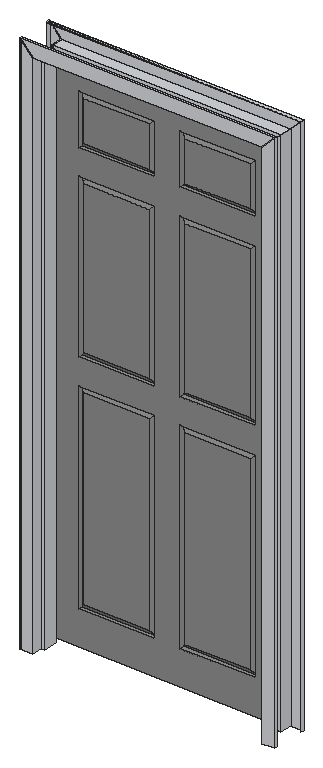
Revit family "Ext-Embossed-Door-MDMF-6-Panel-36 x 84", category Doors, host Wall, Revit 2014
Parameters (values of type "Ext-E-MDMF-6-Panel-36" x 84"")
  Width = Door Panel Width  # 3' - 0"
  Wall Thickness [instance] = 0' - 5 3/4"
  URL = ""
  Type Comments = "EXT,"
  Thickness = 0' - 1 3/4"
  Swing Angle [instance] = 90.00°
  SDI RO Spacing = 0' - 0"
  SDI Panel 1 Width = Leaf Width + 0' 0 3/16"  # 3' - 0"
  SDI No Panels = ""
  SDI HW Set [instance] = ""
  SDI HW Item LO-2 [instance] = ""
  SDI HW Item LO-1 [instance] = ""
  SDI HW Item KP-2 [instance] = ""
  SDI HW Item KP-1 [instance] = ""
  SDI HW Item HI-2 [instance] = ""
  SDI HW Item HI-1 [instance] = ""
  SDI HW Item HC-2 [instance] = ""
  SDI HW Item HC-1 [instance] = ""
  SDI HW Item ED-2 [instance] = ""
  SDI HW Item ED-1 [instance] = ""
  SDI HW Item DO-2 [instance] = ""
  SDI HW Item DO-1 [instance] = ""
  SDI HW Item CL-2 [instance] = ""
  SDI HW Item CL-1 [instance] = ""
  SDI Glass Material = Glass
  SDI Frame Type = "3 Piece"
  SDI Frame Material Type = "Hollow Metal"
  SDI Frame Material = Paint - Generic - Prime
  SDI Frame Manufacturer = ""
  SDI Frame Jamb Width = 0' - 2"
  SDI Frame Head Width = 0' - 2"
  SDI Frame Finish Type = "Painted"
  SDI Frame Finish Color = "Prime"
  SDI Frame Depth [instance] = 0' - 5 3/4"
  SDI Family Version = "1.0"
  SDI Door Top Rail Width = 0' - 7 3/4"
  SDI Door Stile Width = 0' - 6"
  SDI Door Panel Type = "N"
  SDI Door Material Type = "Hollow Metal"
  SDI Door Material = Paint - Generic - Prime
  SDI Door Manufacturer = ""
  SDI Door Glass Type = "1/4\" Tempered"
  SDI Door Finish Type = "Painted"
  SDI Door Finish Color = "Prime"
  SDI Door Configuration = "SG"
  SDI Door Bottom Rail Width = 5' - 0"
  SDI Arch Frame Type [instance] = ""
  SDI Arch Frame Material Type [instance] = "HM"
  SDI Arch Door Panel Type [instance] = "N"
  SDI Arch Door Material Type [instance] = "HM"
  Rough Width = Frame Width - 0' 0" + 2 * SDI RO Spacing  # 3' - 4"
  Rough Height = Frame Height - 0' 0" + SDI RO Spacing  # 7' - 2"
  R1 Height = 7' - 0"
  P1 Width = 3' - 2"
  Model = "Ext-E-MDMF-6-Panel-36\" x 84\""
  Manufacturer = ""
  Leaf Width = P1 Width - 0' 2 3/16"  # 2' - 11 13/16"
  Height = Door Panel Height  # 7' - 0"
  Glass Offset [instance] = 0' 2 1/16" + (SDI Frame Depth - 0' 5 3/4") / 2  # 0' - 2 1/16"
  Function = Exterior
  Frame Width = P1 Width + 0' 2"  # 3' - 4"
  Frame Offset [instance] = if(Aligned Exterior, SDI Frame Depth / 2, if(Aligned Center, Wall Thickness / 2, if(Aligned Interior, Wall Thickness - SDI Frame Depth + SDI Frame Depth / 2, Aligned Other)))  # 0' - 2 7/8"
  Frame Height = R1 Height + 0' 2"  # 7' - 2"
  Fire Rating = ""
  Exterior Glazing [instance] = no
  Door Panel Width = P1 Width - 0' 2"  # 3' - 0"
  Door Panel Height = R1 Height + 0' 2" - (0' 2")  # 7' - 0"
  Door Offset [instance] = 0' 2 13/16" + (SDI Frame Depth - 0' 5 3/4") / 2  # 0' - 2 13/16"
  Description = "Hollow Metal Door with Hollow Metal Frame 6 Panel"
  Cost = 0
  Assembly Code = "B2030120"
  Analytic Construction = "<None>"
  Aligned Other [instance] = 0' - 0"
  Aligned Interior [instance] = no
  Aligned Exterior [instance] = yes
  Aligned Center [instance] = no
  ADA Clearance Lines = no
Reference planes (in)
  plane 1: y = 0
  plane 2 "Center (Left/Right)": x = 0
  plane 3 "Wall Edge": y = 2.875
  plane 4 "Wall Interior": y = -2.875
  plane 5 "ModelRefLevel": z = 0
  plane 6 "FrameDepthPlane": y = 0
  plane 7 "FrameFront": y = 2.875
  plane 8 "FrameBack": y = -2.875
  plane 9 "V0": x = 19
  plane 10 "V1": x = -19
  plane 11 "H0": z = 1
  plane 12 "H1": z = 85
  plane 13 "DoorLeft": x = 18
  plane 14 "DoorRight": x = -18
  plane 15 "DoorCenter": x = 0
  plane 16 "DoorTop": z = 83.875
  plane 17 "DoorCenterTB": z = 41.9375
  plane 18 "DoorExtFace": y = 2.8125
  plane 19 "DoorGlassFace": y = 2.0625
  plane 20 "LockCenterLine": z = 32.5625
  plane 21 "DoorExtFace1": y = 2.0625
  plane 22 "GlassRight1": x = -11.90625
  plane 23 "ActDoorLeft": x = 17.90625
  plane 24 "SwingClrPlane": y = 62.875
  plane 25 "SwingPartialPlane": y = 50.875
  plane 26: x = -7.90625
  plane 27: x = -11.90625
  plane 28: z = 76.125
  plane 29: z = 51.125
  plane 30: z = 79
  plane 31: z = 6
  plane 32: z = 41.5
  plane 33: z = 37.5
  plane 34: x = 13.90625
  plane 35: x = -13.90625
  plane 36: x = 2
  plane 37: x = -2
  plane 38: z = 71
  plane 39: z = 67
  plane 40: z = 42.5
Forms (in)
  Extrusion 1, solid
    sketch origin (138.6875, 0, 43) x (-1, 0, 0) y (0, -1, 0)
      loop
        line (118.6875, -2.375) -> (118.6875, -2.875) -> (120.6875, -2.875) -> (120.6875, -0.9375) -> (121.3125, -0.9375) -> (121.3125, 1.3125) -> (120.6875, 1.3125) -> (120.6875, 2.875) -> (118.6875, 2.875) -> (118.6875, 2.4375) -> (118.75, 2.4375) -> (118.75, 2.8125) -> (120.625, 2.8125) -> (120.625, 1.25) -> (121.25, 1.25) -> (121.25, -0.875) -> (120.625, -0.875) -> (120.625, -2.8125) -> (118.75, -2.8125) -> (118.75, -2.375) -> (118.6875, -2.375)
    from -43 to 43
  Extrusion 2, void
    sketch origin (0, 2.875, 0) x (1, 0, 0) y (0, 0, 1)
      loop
        line (20, 86) -> (17.375, 86) -> (17.375, 83.375) -> (20, 86)
    from -12 to 12
  Extrusion 3, solid
    sketch origin (101.3125, 0, 43) x (-1, 0, 0) y (0, -1, 0)
      loop
        line (121.25, -2.375) -> (121.25, -2.8125) -> (119.375, -2.8125) -> (119.375, -0.875) -> (118.75, -0.875) -> (118.75, 1.25) -> (119.375, 1.25) -> (119.375, 2.8125) -> (121.25, 2.8125) -> (121.25, 2.4375) -> (121.3125, 2.4375) -> (121.3125, 2.875) -> (119.3125, 2.875) -> (119.3125, 1.3125) -> (118.6875, 1.3125) -> (118.6875, -0.9375) -> (119.3125, -0.9375) -> (119.3125, -2.875) -> (121.3125, -2.875) -> (121.3125, -2.375) -> (121.25, -2.375)
    from -43 to 43
  Extrusion 4, void
    sketch origin (0, 2.875, 0) x (1, 0, 0) y (0, 0, 1)
      loop
        line (-20, 86) -> (-17.375, 83.375) -> (-17.375, 86) -> (-20, 86)
    from -12 to 12
  Extrusion 5, solid
    sketch origin (0, 0, 84.6875) x (0, 1, 0) y (0, 0, 1)
      loop
        line (2.375, 1.25) -> (2.8125, 1.25) -> (2.8125, -0.625) -> (0.875, -0.625) -> (0.875, -1.25) -> (-1.25, -1.25) -> (-1.25, -0.625) -> (-2.8125, -0.625) -> (-2.8125, 1.25) -> (-2.4375, 1.25) -> (-2.4375, 1.3125) -> (-2.875, 1.3125) -> (-2.875, -0.6875) -> (-1.3125, -0.6875) -> (-1.3125, -1.3125) -> (0.9375, -1.3125) -> (0.9375, -0.6875) -> (2.875, -0.6875) -> (2.875, 1.3125) -> (2.375, 1.3125) -> (2.375, 1.25)
    from -20 to 20
  Extrusion 6, void
    sketch origin (0, 2.875, 0) x (1, 0, 0) y (0, 0, 1)
      loop
        line (-20, 86) -> (-20, 83.375) -> (-17.375, 83.375) -> (-20, 86)
    from -12 to 12
  Extrusion 7, void
    sketch origin (0, 2.875, 0) x (1, 0, 0) y (0, 0, 1)
      loop
        line (20, 86) -> (17.375, 83.375) -> (20, 83.375) -> (20, 86)
    from -12 to 12
  Extrusion 8, solid, material "Paint - Generic - Prime" <- "SDI Door Material"
    sketch origin (-60, 2.8125, -12) x (1, 0, 0) y (0, 0, 1)
      loop
        line (77.90625, 12.625) -> (77.90625, 95.875) -> (42.09375, 95.875) -> (42.09375, 12.625) -> (77.90625, 12.625)
    from 0 to 1.75
  Sweep 9, void
    path origin (0, 2.875, 0) x (1, 0, 0) y (0, 0, 1)
      loop
        line (13.90625, 79) -> (2, 79) -> (2, 71) -> (13.90625, 71) -> (13.90625, 79)
    profile origin (13.90625, 2.875, 75) x (0, -1, 0) y (1, 0, 0)
      loop
        line (0, 0) -> (0, -0.92134) -> (0.5, -0.23315) -> (0, 0)
      loop
        line (1.875, 0) -> (1.375, -0.23315) -> (1.875, -0.92134) -> (1.875, 0)
  Sweep 10, void
    path origin (0, 2.875, 0) x (1, 0, 0) y (0, 0, 1)
      loop
        line (13.90625, 37.5) -> (2, 37.5) -> (2, 6) -> (13.90625, 6) -> (13.90625, 37.5)
    profile origin (13.90625, 2.875, 21.75) x (0, -1, 0) y (1, 0, 0)
      loop
        line (0, 0) -> (0, -0.92134) -> (0.5, -0.23315) -> (0, 0)
      loop
        line (1.875, 0) -> (1.375, -0.23315) -> (1.875, -0.92134) -> (1.875, 0)
  Sweep 11, void
    path origin (0, 2.875, 0) x (1, 0, 0) y (0, 0, 1)
      loop
        line (-2, 79) -> (-13.90625, 79) -> (-13.90625, 71) -> (-2, 71) -> (-2, 79)
    profile origin (-2, 2.875, 75) x (0, -1, 0) y (1, 0, 0)
      loop
        line (0.0625, -0.80529) -> (0.5, -0.20312) -> (0.0625, -0.00088) -> (0.0625, -0.80529)
      loop
        line (1.8143, -0.80529) -> (1.8143, -0.00088) -> (1.3768, -0.20312) -> (1.8143, -0.80529)
  Sweep 12, void
    path origin (0, 2.875, 0) x (1, 0, 0) y (0, 0, 1)
      loop
        line (-2, 37.5) -> (-13.90625, 37.5) -> (-13.90625, 6) -> (-2, 6) -> (-2, 37.5)
    profile origin (-2, 2.875, 21.75) x (0, -1, 0) y (1, 0, 0)
      loop
        line (0.0625, -0.00088) -> (0.0625, -0.80529) -> (0.5, -0.20312) -> (0.0625, -0.00088)
      loop
        line (1.8143, -0.00088) -> (1.3768, -0.20312) -> (1.8143, -0.80529) -> (1.8143, -0.00088)
  Sweep 13, void
    path origin (0, 2.875, 0) x (1, 0, 0) y (0, 0, 1)
      loop
        line (13.90625, 67) -> (2, 67) -> (2, 41.5) -> (13.90625, 41.5) -> (13.90625, 67)
    profile origin (13.90625, 2.875, 54.25) x (0, -1, 0) y (1, 0, 0)
      loop
        line (0.0625, -0.02914) -> (0.0625, -0.83532) -> (0.5, -0.23315) -> (0.0625, -0.02914)
      loop
        line (1.8125, -0.02914) -> (1.375, -0.23315) -> (1.8125, -0.83532) -> (1.8125, -0.02914)
  Sweep 14, void
    path origin (0, 2.875, 0) x (1, 0, 0) y (0, 0, 1)
      loop
        line (-2, 67) -> (-13.90625, 67) -> (-13.90625, 41.5) -> (-2, 41.5) -> (-2, 67)
    profile origin (-2, 2.875, 54.25) x (0, -1, 0) y (1, 0, 0)
      loop
        line (0.5, -0.20313) -> (0.0625, -0.00088) -> (0.0625, -0.80529) -> (0.5, -0.20313)
      loop
        line (1.8125, -0.80529) -> (1.8125, -0.00172) -> (1.37545, -0.20375) -> (1.8125, -0.80529)
Cuts and joins
  Extrusion 2 cuts Extrusion 1
  Extrusion 4 cuts Extrusion 3
  Extrusion 6, Extrusion 7 cuts Extrusion 5
  Sweep 9, Sweep 10, Sweep 11, Sweep 12, Sweep 13, Sweep 14 cuts Extrusion 8
Lines and regions (in)
  Opening 1
    outline origin (-60, -2.875, 0) x (1, 0, 0) y (0, 0, 1)
      loop
        line (80, 0) -> (80, 86) -> (40, 86) -> (40, 0) -> (80, 0)
  symbolic lines, style "DoorsFrameMullionProjection", detail levels fine
    curve 1: line (20, 2.375, 0) -> (20, 2.875, 0)
    curve 2: line (20, 2.875, 0) -> (18, 2.875, 0)
    curve 3: line (18, 2.875, 0) -> (18, 0.9375, 0)
    curve 4: line (18, 0.9375, 0) -> (17.375, 0.9375, 0)
    curve 5: line (17.375, 0.9375, 0) -> (17.375, -1.3125, 0)
    curve 6: line (17.375, -1.3125, 0) -> (18, -1.3125, 0)
    curve 7: line (18, -1.3125, 0) -> (18, -2.875, 0)
    curve 8: line (18, -2.875, 0) -> (20, -2.875, 0)
    curve 9: line (20, -2.875, 0) -> (20, -2.4375, 0)
    curve 10: line (20, -2.4375, 0) -> (19.9375, -2.4375, 0)
    curve 11: line (19.9375, -2.4375, 0) -> (19.9375, -2.8125, 0)
    curve 12: line (19.9375, -2.8125, 0) -> (18.0625, -2.8125, 0)
    curve 13: line (18.0625, -2.8125, 0) -> (18.0625, -1.25, 0)
    curve 14: line (18.0625, -1.25, 0) -> (17.4375, -1.25, 0)
    curve 15: line (17.4375, -1.25, 0) -> (17.4375, 0.875, 0)
    curve 16: line (17.4375, 0.875, 0) -> (18.0625, 0.875, 0)
    curve 17: line (18.0625, 0.875, 0) -> (18.0625, 2.8125, 0)
    curve 18: line (18.0625, 2.8125, 0) -> (19.9375, 2.8125, 0)
    curve 19: line (19.9375, 2.8125, 0) -> (19.9375, 2.375, 0)
    curve 20: line (19.9375, 2.375, 0) -> (20, 2.375, 0)
    curve 25: line (-19.9375, 2.375, 0) -> (-19.9375, 2.8125, 0)
    curve 26: line (-19.9375, 2.8125, 0) -> (-18.0625, 2.8125, 0)
    curve 27: line (-18.0625, 2.8125, 0) -> (-18.0625, 0.875, 0)
    curve 28: line (-18.0625, 0.875, 0) -> (-17.4375, 0.875, 0)
    curve 29: line (-17.4375, 0.875, 0) -> (-17.4375, -1.25, 0)
    curve 30: line (-17.4375, -1.25, 0) -> (-18.0625, -1.25, 0)
    curve 31: line (-18.0625, -1.25, 0) -> (-18.0625, -2.8125, 0)
    curve 32: line (-18.0625, -2.8125, 0) -> (-19.9375, -2.8125, 0)
    curve 33: line (-19.9375, -2.8125, 0) -> (-19.9375, -2.4375, 0)
    curve 34: line (-19.9375, -2.4375, 0) -> (-20, -2.4375, 0)
    curve 35: line (-20, -2.4375, 0) -> (-20, -2.875, 0)
    curve 36: line (-20, -2.875, 0) -> (-18, -2.875, 0)
    curve 37: line (-18, -2.875, 0) -> (-18, -1.3125, 0)
    curve 38: line (-18, -1.3125, 0) -> (-17.375, -1.3125, 0)
    curve 39: line (-17.375, -1.3125, 0) -> (-17.375, 0.9375, 0)
    curve 40: line (-17.375, 0.9375, 0) -> (-18, 0.9375, 0)
    curve 41: line (-18, 0.9375, 0) -> (-18, 2.875, 0)
    curve 42: line (-18, 2.875, 0) -> (-20, 2.875, 0)
    curve 43: line (-20, 2.875, 0) -> (-20, 2.375, 0)
    curve 44: line (-20, 2.375, 0) -> (-19.9375, 2.375, 0)
  symbolic lines, style "DoorsFrameMullionProjection", detail levels coarse+medium
    curve 21: line (18, -2.875, 0) -> (20, -2.875, 0)
    curve 22: line (18, 2.875, 0) -> (20, 2.875, 0)
    curve 23: line (18, -2.875, 0) -> (18, 2.875, 0)
    curve 24: line (20, -2.875, 0) -> (20, 2.875, 0)
    curve 45: line (-20, -2.875, 0) -> (-18, -2.875, 0)
    curve 46: line (-20, 2.875, 0) -> (-18, 2.875, 0)
    curve 47: line (-20, -2.875, 0) -> (-20, 2.875, 0)
    curve 48: line (-18, -2.875, 0) -> (-18, 2.875, 0)
  symbolic lines, style "Elevation Swing"
    curve 49: line (-17.90625, 2.875, 83.875) -> (17.90625, 2.875, 41.9375)
    curve 50: line (-17.90625, 2.875, 0) -> (17.90625, 2.875, 41.9375)
  symbolic lines, style "ADA Clearance", visible <- "ADA Clearance Lines"
    curve 51: line (20, 2.875, 0) -> (20, 62.875, 0)
    curve 52: line (-36, 62.875, 0) -> (20, 62.875, 0)
    curve 53: line (-36, 50.875, 0) -> (20, 50.875, 0)
    curve 54: line (-36, 2.875, 0) -> (-36, 62.875, 0)
    curve 55: line (20, -2.875, 0) -> (20, -50.875, 0)
    curve 56: line (-30, -50.875, 0) -> (20, -50.875, 0)
    curve 57: line (-30, -2.875, 0) -> (-30, -50.875, 0)
Text (in)
  text "Placement Side" at (0, 40.15149, 123.01588), in view "Right"
  text "Placement Side" at (-70.3804, 28.46503, 0), in view "Ref. Level"
  text "Placement Side" at (0, 81.62555, 140.59947), in view "Left"
Dimensions and locks (in)
  locked: plane 3 "Wall Edge" to host wall
  equal spacing: host wall, plane 2 "Center (Left/Right)", host wall
  "Rough Width": host wall to host wall
  "Rough Height": level to host wall
  equal spacing: plane 3 "Wall Edge", plane 1, plane 4 "Wall Interior"
  "Wall Thickness": host wall to host wall
  "Frame Offset": plane 3 "Wall Edge" to plane 6 "FrameDepthPlane"
  equal spacing: plane 7 "FrameFront", plane 6 "FrameDepthPlane", plane 8 "FrameBack"
  "SDI Frame Depth": plane 7 "FrameFront" to plane 8 "FrameBack"
  equal spacing: plane 9 "V0", plane 2 "Center (Left/Right)", plane 10 "V1"
  "P1 Width": plane 9 "V0" to plane 10 "V1"
  "R1 Height": plane 11 "H0" to plane 12 "H1"
  locked: plane 12 "H1" to Extrusion 1 at 1
  locked: plane 11 "H0" to Extrusion 1 at 1
  locked: plane 9 "V0" to Extrusion 1 at 1  (x4)
  locked: plane 9 "V0" to Extrusion 1 at 0.9375  (x5)
  locked: plane 9 "V0" to Extrusion 1 at 1.5625
  locked: plane 9 "V0" to Extrusion 1 at 1.625
  locked: plane 12 "H1" to Extrusion 3 at 1
  locked: plane 11 "H0" to Extrusion 3 at 1
  locked: plane 10 "V1" to Extrusion 3 at 0.9375  (x4)
  locked: plane 10 "V1" to Extrusion 3 at 1  (x5)
  locked: plane 10 "V1" to Extrusion 3 at 1.625
  locked: plane 10 "V1" to Extrusion 3 at 1.5625
  locked: plane 9 "V0" to Extrusion 5 at 1
  locked: plane 10 "V1" to Extrusion 5 at 1
  locked: plane 12 "H1" to Extrusion 5 at 0.9375  (x5)
  locked: plane 12 "H1" to Extrusion 5 at 1.5625
  locked: plane 12 "H1" to Extrusion 5 at 1  (x4)
  locked: plane 12 "H1" to Extrusion 5 at 1.625
  locked: plane 7 "FrameFront" to cut or joined group of Extrusion 1, Extrusion 2 at 1.9375
  locked: plane 7 "FrameFront" to cut or joined group of Extrusion 1, Extrusion 2 at 2
  locked: plane 7 "FrameFront" to cut or joined group of Extrusion 1, Extrusion 2 at 0.0625
  locked: plane 7 "FrameFront" to cut or joined group of Extrusion 1, Extrusion 2 at 0.5
  locked: plane 8 "FrameBack" to cut or joined group of Extrusion 1, Extrusion 2 at 1.5625
  locked: plane 8 "FrameBack" to cut or joined group of Extrusion 1, Extrusion 2 at 0.4375
  locked: plane 8 "FrameBack" to cut or joined group of Extrusion 1, Extrusion 2 at 0.0625
  locked: plane 8 "FrameBack" to cut or joined group of Extrusion 1, Extrusion 2 at 1.625
  locked: plane 7 "FrameFront" to cut or joined group of Extrusion 3, Extrusion 4 at 0.0625
  locked: plane 7 "FrameFront" to cut or joined group of Extrusion 3, Extrusion 4 at 2
  locked: plane 7 "FrameFront" to cut or joined group of Extrusion 3, Extrusion 4 at 1.9375
  locked: plane 7 "FrameFront" to cut or joined group of Extrusion 3, Extrusion 4 at 0.5
  locked: plane 8 "FrameBack" to cut or joined group of Extrusion 3, Extrusion 4 at 1.625
  locked: plane 8 "FrameBack" to cut or joined group of Extrusion 3, Extrusion 4 at 0.0625
  locked: plane 8 "FrameBack" to cut or joined group of Extrusion 3, Extrusion 4 at 0.4375
  locked: plane 8 "FrameBack" to cut or joined group of Extrusion 3, Extrusion 4 at 1.5625
  locked: plane 7 "FrameFront" to cut or joined group of Extrusion 5, Extrusion 6, Extrusion 7 at 0.0625
  locked: plane 7 "FrameFront" to cut or joined group of Extrusion 5, Extrusion 6, Extrusion 7 at 2
  locked: plane 7 "FrameFront" to cut or joined group of Extrusion 5, Extrusion 6, Extrusion 7 at 1.9375
  locked: plane 7 "FrameFront" to cut or joined group of Extrusion 5, Extrusion 6, Extrusion 7 at 0.5
  locked: plane 8 "FrameBack" to cut or joined group of Extrusion 5, Extrusion 6, Extrusion 7 at 1.625
  locked: plane 8 "FrameBack" to cut or joined group of Extrusion 5, Extrusion 6, Extrusion 7 at 0.0625
  locked: plane 8 "FrameBack" to cut or joined group of Extrusion 5, Extrusion 6, Extrusion 7 at 0.4375
  locked: plane 8 "FrameBack" to cut or joined group of Extrusion 5, Extrusion 6, Extrusion 7 at 1.5625
  locked: plane 7 "FrameFront" to curve 4 at 1.9375
  locked: plane 7 "FrameFront" to curve 16 at 2
  locked: plane 7 "FrameFront" to curve 18 at 0.0625
  locked: plane 7 "FrameFront" to curve 20 at 0.5
  locked: plane 7 "FrameFront" to curve 26 at 0.0625
  locked: plane 7 "FrameFront" to curve 28 at 2
  locked: plane 7 "FrameFront" to curve 40 at 1.9375
  locked: plane 7 "FrameFront" to curve 44 at 0.5
  locked: plane 8 "FrameBack" to curve 6 at 1.5625
  locked: plane 8 "FrameBack" to curve 10 at 0.4375
  locked: plane 8 "FrameBack" to curve 12 at 0.0625
  locked: plane 8 "FrameBack" to curve 14 at 1.625
  locked: plane 8 "FrameBack" to curve 30 at 1.625
  locked: plane 8 "FrameBack" to curve 32 at 0.0625
  locked: plane 8 "FrameBack" to curve 34 at 0.4375
  locked: plane 8 "FrameBack" to curve 38 at 1.5625
  locked: plane 9 "V0" to plane 13 "DoorLeft" at 1
  locked: plane 10 "V1" to plane 14 "DoorRight" at 1
  locked: plane 12 "H1" to plane 16 "DoorTop" at 1.125
  equal spacing: plane 16 "DoorTop", plane 17 "DoorCenterTB", plane 5 "ModelRefLevel"
  "Door Offset": plane 6 "FrameDepthPlane" to plane 18 "DoorExtFace"
  "Glass Offset": plane 6 "FrameDepthPlane" to plane 19 "DoorGlassFace"
  plane 20 "LockCenterLine" to plane 5 "ModelRefLevel" = 2' - 8 9/16"
  locked: Extrusion 8 to Extrusion 8 at 1.75
  locked: plane 6 "FrameDepthPlane" to plane 21 "DoorExtFace1" at 2.0625
  locked: plane 14 "DoorRight" to plane 22 "GlassRight1" at 6.09375
  locked: plane 13 "DoorLeft" to Extrusion 8 at 0.09375
  locked: plane 14 "DoorRight" to Extrusion 8 at 0.09375
  locked: plane 5 "ModelRefLevel" to Extrusion 8 at 0.625
  locked: plane 13 "DoorLeft" to plane 23 "ActDoorLeft" at 0.09375
  locked: plane 3 "Wall Edge" to plane 24 "SwingClrPlane" at 60
  locked: plane 3 "Wall Edge" to plane 25 "SwingPartialPlane" at 48
  locked: plane 27 to plane 14 "DoorRight" at 6.09375
  plane 26 to plane 27 = 0' - 4"
  locked: plane 29 to plane 28 at 25
  locked: plane 28 to plane 12 "H1" at 8.875
  locked: plane 30 to plane 12 "H1" at 6
  locked: plane 11 "H0" to plane 31 at 5
  locked: plane 23 "ActDoorLeft" to plane 34 at 4
  locked: plane 35 to plane 14 "DoorRight" at 4.09375
  locked: plane 15 "DoorCenter" to plane 36 at 2
  locked: plane 15 "DoorCenter" to plane 37 at 2
  locked: plane 38 to plane 30 at 8
  locked: plane 39 to plane 38 at 4
  locked: plane 33 to plane 32 at 4
  equal spacing: plane 31, plane 40, plane 30
  locked: plane 32 to plane 40 at 1
  aligned and locked: plane 4 "Wall Interior" to host wall
  aligned and locked: cut or joined group of Extrusion 1, Extrusion 2 to plane 7 "FrameFront"
  aligned and locked: plane 8 "FrameBack" to cut or joined group of Extrusion 1, Extrusion 2
  aligned and locked: cut or joined group of Extrusion 3, Extrusion 4 to plane 7 "FrameFront"
  aligned and locked: plane 8 "FrameBack" to cut or joined group of Extrusion 3, Extrusion 4
  aligned and locked: cut or joined group of Extrusion 5, Extrusion 6, Extrusion 7 to plane 7 "FrameFront"
  aligned and locked: plane 8 "FrameBack" to cut or joined group of Extrusion 5, Extrusion 6, Extrusion 7
  aligned and locked: curve 2 to plane 7 "FrameFront"
  aligned and locked: plane 7 "FrameFront" to curve 22
  aligned and locked: curve 42 to plane 7 "FrameFront"
  aligned and locked: plane 7 "FrameFront" to curve 46
  aligned and locked: plane 8 "FrameBack" to curve 8
  aligned and locked: plane 8 "FrameBack" to curve 36
  aligned and locked: Extrusion 8 to plane 18 "DoorExtFace"
  aligned and locked: Extrusion 8 to plane 16 "DoorTop"
  aligned and locked: plane 7 "FrameFront" to nested 1
  aligned and locked: plane 23 "ActDoorLeft" to nested 1
  aligned and locked: plane 24 "SwingClrPlane" to curve 52
  aligned and locked: plane 25 "SwingPartialPlane" to curve 53
  aligned and locked: Sweep 9 sketch curve to plane 30
  aligned and locked: Sweep 9 sketch curve to plane 34
  aligned and locked: Sweep 10 sketch curve to plane 31
  aligned and locked: Sweep 10 sketch curve to plane 33
  aligned and locked: Sweep 10 sketch curve to plane 34
  aligned and locked: Sweep 9 sketch curve to plane 36
  aligned and locked: Sweep 10 sketch curve to plane 36
  aligned and locked: plane 37 to Sweep 11 sketch curve
  aligned and locked: plane 30 to Sweep 11 sketch curve
  aligned and locked: plane 35 to Sweep 11 sketch curve
  aligned and locked: plane 37 to Sweep 12 sketch curve
  aligned and locked: plane 35 to Sweep 12 sketch curve
  aligned and locked: plane 31 to Sweep 12 sketch curve
  aligned and locked: plane 33 to Sweep 12 sketch curve
  aligned and locked: Sweep 9 sketch curve to plane 38
  aligned and locked: Sweep 11 sketch curve to plane 38
  aligned and locked: plane 34 to Sweep 13 sketch curve
  aligned and locked: plane 36 to Sweep 13 sketch curve
  aligned and locked: plane 39 to Sweep 13 sketch curve
  aligned and locked: plane 32 to Sweep 13 sketch curve
  aligned and locked: plane 37 to Sweep 14 sketch curve
  aligned and locked: plane 35 to Sweep 14 sketch curve
  aligned and locked: plane 39 to Sweep 14 sketch curve
  aligned and locked: plane 32 to Sweep 14 sketch curve
Automatic sketch dimensions
  Opening 1 sketch curve to level = 0' - 0"
  Opening 1 sketch curve to plane 2 "Center (Left/Right)" = 1' - 8"
  plane 2 "Center (Left/Right)" to Opening 1 sketch curve = 1' - 8"
  level to Opening 1 sketch curve = 7' - 2"
  Extrusion 2 sketch curve to plane 9 "V0" = 0' - 1 5/8"
  plane 9 "V0" to Extrusion 2 sketch curve = 0' - 1"
  plane 12 "H1" to Extrusion 2 sketch curve = 0' - 1 5/8"
  Extrusion 2 sketch curve to plane 12 "H1" = 0' - 1"
  Extrusion 1 sketch curve to host wall = 0' - 0"
  host wall to Extrusion 1 sketch curve = 0' - 0"
  Extrusion 1 sketch curve to host wall = 0' - 0 1/2"
  plane 2 "Center (Left/Right)" to Extrusion 1 sketch curve = 1' - 8"  (x2)
  Extrusion 1 sketch curve to host wall = 0' - 0 7/16"
  Extrusion 1 sketch curve to Extrusion 1 sketch curve = 0' - 0 1/16"  (x7)
  plane 2 "Center (Left/Right)" to Extrusion 1 sketch curve = 1' - 6 1/16"  (x2)
  Extrusion 1 sketch curve to host wall = 0' - 0 1/16"  (x2)
  Extrusion 1 sketch curve to Extrusion 1 sketch curve = 0' - 0 9/16"
  Extrusion 1 sketch curve to host wall = 0' - 0 15/16"
  host wall to Extrusion 1 sketch curve = 0' - 1 1/4"
  plane 9 "V0" to curve 1 = 0' - 1"
  curve 6 to curve 5 = 0' - 0 5/8"
  curve 7 to plane 9 "V0" = 0' - 1"
  curve 9 to curve 10 = 0' - 0 1/16"
  curve 12 to curve 7 = 0' - 0 1/16"
  curve 14 to curve 5 = 0' - 0 1/16"
  curve 16 to curve 3 = 0' - 0 1/16"
  curve 1 to curve 18 = 0' - 0 1/16"
  Extrusion 4 sketch curve to plane 10 "V1" = 0' - 1"
  plane 10 "V1" to Extrusion 4 sketch curve = 0' - 1 5/8"
  plane 12 "H1" to Extrusion 4 sketch curve = 0' - 1 5/8"
  Extrusion 4 sketch curve to plane 12 "H1" = 0' - 1"
  host wall to Extrusion 3 sketch curve = 0' - 0"
  Extrusion 3 sketch curve to host wall = 0' - 0"
  Extrusion 3 sketch curve to plane 2 "Center (Left/Right)" = 1' - 5 3/8"
  Extrusion 3 sketch curve to Extrusion 3 sketch curve = 0' - 0 1/16"  (x7)
  Extrusion 3 sketch curve to Extrusion 3 sketch curve = 0' - 0 9/16"  (x2)
  Extrusion 3 sketch curve to host wall = 0' - 0 7/16"
  Extrusion 3 sketch curve to plane 2 "Center (Left/Right)" = 1' - 7 15/16"  (x2)
  Extrusion 3 sketch curve to host wall = 0' - 0 1/2"
  Extrusion 3 sketch curve to host wall = 0' - 0 1/16"  (x2)
  Extrusion 3 sketch curve to host wall = 0' - 0 15/16"
  host wall to Extrusion 3 sketch curve = 0' - 1 1/4"
  plane 10 "V1" to curve 26 = 0' - 0 15/16"
  curve 29 to curve 30 = 0' - 0 5/8"
  curve 32 to plane 10 "V1" = 0' - 0 15/16"
  curve 33 to curve 34 = 0' - 0 1/16"
  curve 36 to curve 31 = 0' - 0 1/16"
  curve 38 to curve 29 = 0' - 0 1/16"
  curve 40 to curve 27 = 0' - 0 1/16"
  curve 25 to curve 42 = 0' - 0 1/16"
  Extrusion 6 sketch curve to plane 10 "V1" = 0' - 1"
  plane 10 "V1" to Extrusion 6 sketch curve = 0' - 1 5/8"
  plane 12 "H1" to Extrusion 6 sketch curve = 0' - 1 5/8"
  Extrusion 6 sketch curve to plane 12 "H1" = 0' - 1"
  Extrusion 7 sketch curve to plane 9 "V0" = 0' - 1 5/8"
  plane 9 "V0" to Extrusion 7 sketch curve = 0' - 1"
  plane 12 "H1" to Extrusion 7 sketch curve = 0' - 1 5/8"
  Extrusion 7 sketch curve to plane 12 "H1" = 0' - 1"
  Extrusion 5 sketch curve to host wall = 0' - 0"  (x2)
  Extrusion 5 sketch curve to host wall = 0' - 0 1/16"  (x2)
  Extrusion 5 sketch curve to Extrusion 5 sketch curve = 0' - 0 3/8"
  host wall to Extrusion 5 sketch curve = 0' - 1 5/16"
  Extrusion 5 sketch curve to Extrusion 5 sketch curve = 0' - 0 1/16"  (x7)
  Extrusion 5 sketch curve to host wall = 0' - 0 7/8"
  Extrusion 5 sketch curve to host wall = 0' - 0 1/2"
  level to Extrusion 5 sketch curve = 6' - 11 3/8"
  Extrusion 5 sketch curve to Extrusion 5 sketch curve = 0' - 0 9/16"  (x2)
  Extrusion 5 sketch curve to plane 11 "H0" = 7' - 0 15/16"  (x2)
  Extrusion 8 sketch curve to plane 16 "DoorTop" = 0' - 0"
  plane 14 "DoorRight" to Extrusion 8 sketch curve = 0' - 0 3/32"
  Extrusion 8 sketch curve to plane 13 "DoorLeft" = 0' - 0 3/32"
  plane 11 "H0" to Extrusion 8 sketch curve = 0' - 0 3/8"
  curve 49 to plane 16 "DoorTop" = 0' - 0"
  curve 49 to plane 17 "DoorCenterTB" = 0' - 0"
  plane 14 "DoorRight" to curve 49 = 0' - 0 3/32"
  curve 50 to level = 0' - 0"
  curve 50 to plane 23 "ActDoorLeft" = 0' - 0"
  plane 14 "DoorRight" to curve 50 = 0' - 0 3/32"
  curve 51 to host wall = 0' - 0"
  plane 9 "V0" to curve 51 = 0' - 1"
  curve 54 to host wall = 0' - 0"
  host wall to curve 55 = 0' - 0"
  plane 9 "V0" to curve 55 = 0' - 1"
  host wall to curve 55 = 4' - 0"
  curve 56 to plane 10 "V1" = 0' - 11"
  host wall to curve 57 = 0' - 0"
  curve 57 to curve 54 = 0' - 6"
  profile plane to Sweep 9 sketch curve = 0' - 0"
  profile plane to Sweep 9 sketch curve = 0' - 0.23315"  (x2)
  profile plane to Sweep 9 sketch curve = 0' - 0 1/2"
  Sweep 9 sketch curve to Sweep 9 sketch curve = 0' - 0 7/8"
  Sweep 9 sketch curve to Sweep 9 sketch curve = 0' - 0 1/2"
  profile plane to Sweep 9 sketch curve = 0' - 0.92134"  (x2)
  Sweep 9 sketch curve to profile plane = 0' - 0"  (x2)
  profile plane to Sweep 10 sketch curve = 0' - 0"
  profile plane to Sweep 10 sketch curve = 0' - 0.23315"  (x2)
  profile plane to Sweep 10 sketch curve = 0' - 0 1/2"
  Sweep 10 sketch curve to Sweep 10 sketch curve = 0' - 0 7/8"
  Sweep 10 sketch curve to Sweep 10 sketch curve = 0' - 0 1/2"
  profile plane to Sweep 10 sketch curve = 0' - 0.92134"  (x2)
  Sweep 10 sketch curve to profile plane = 0' - 0"  (x2)
  plane 7 "FrameFront" to Sweep 11 sketch curve = 0' - 0 1/16"
  profile plane to Sweep 11 sketch curve = 0' - 0 13/64"  (x2)
  Sweep 11 sketch curve to Sweep 11 sketch curve = 0' - 0 7/16"  (x2)
  Sweep 11 sketch curve to Sweep 11 sketch curve = 0' - 0.8768"
  profile plane to Sweep 11 sketch curve = 0' - 0.80529"
  Sweep 11 sketch curve to Sweep 11 sketch curve = 0' - 0.60217"
  profile plane to Sweep 11 sketch curve = 0' - 0.00088"  (x2)
  profile plane to Sweep 12 sketch curve = 0' - 0.00088"  (x2)
  plane 7 "FrameFront" to Sweep 12 sketch curve = 0' - 0 1/16"
  profile plane to Sweep 12 sketch curve = 0' - 0 13/64"  (x2)
  Sweep 12 sketch curve to Sweep 12 sketch curve = 0' - 0 7/16"  (x2)
  Sweep 12 sketch curve to Sweep 12 sketch curve = 0' - 0.8768"
  Sweep 12 sketch curve to Sweep 12 sketch curve = 0' - 0.60217"
  profile plane to Sweep 12 sketch curve = 0' - 0.80529"
  profile plane to Sweep 13 sketch curve = 0' - 0.02914"  (x2)
  plane 7 "FrameFront" to Sweep 13 sketch curve = 0' - 0 1/16"
  profile plane to Sweep 13 sketch curve = 0' - 0.23315"  (x2)
  Sweep 13 sketch curve to Sweep 13 sketch curve = 0' - 0 7/16"  (x2)
  Sweep 13 sketch curve to Sweep 13 sketch curve = 0' - 0 7/8"
  Sweep 13 sketch curve to Sweep 13 sketch curve = 0' - 0.60217"
  profile plane to Sweep 13 sketch curve = 0' - 0.83532"
  profile plane to Sweep 14 sketch curve = 0' - 0.00088"
  plane 7 "FrameFront" to Sweep 14 sketch curve = 0' - 0 1/16"
  profile plane to Sweep 14 sketch curve = 0' - 0 13/64"
  Sweep 14 sketch curve to Sweep 14 sketch curve = 0' - 0 7/16"
  profile plane to Sweep 14 sketch curve = 0' - 0.20375"
  Sweep 14 sketch curve to Sweep 14 sketch curve = 0' - 0.87545"
  Sweep 14 sketch curve to Sweep 14 sketch curve = 0' - 0.60217"
  Sweep 14 sketch curve to Sweep 14 sketch curve = 0' - 0.43705"
  profile plane to Sweep 14 sketch curve = 0' - 0.80529"
  profile plane to Sweep 14 sketch curve = 0' - 0.00172"
Nested families (in)
  nested 1: "SingleDoorPlanLines" at (17.90625, 2.875, 0.625), type "SingleDoorPlanLines"
Definition of nested family "SingleDoorPlanLines"
  Parameters (values of type "SingleDoorPlanLines")
    Width = 3' - 0"
    URL = ""
    Thickness = 0' - 1 3/4"
    Analytic Construction = "<None>"
    Swing Angle = 90.00°
  Reference planes (in)
    plane 1 "Front": y = 0
    plane 2: z = 0
    plane 3 "Right": x = 0
    plane 4 "Left": x = -36
  Lines and regions (in)
    symbolic lines, style "DoorsPanelProjection"
      curve 1: line (0, 0, 0) -> (0, 36, 0)
      curve 2: line (0, 36, 0) -> (-1.75, 36, 0)
      curve 3: line (-1.75, 36, 0) -> (-1.75, 0, 0)
      curve 4: line (-1.75, 0, 0) -> (0, 0, 0)
    model lines, style "InvisibleLines", not visible
      curve 5: line (0, 0, 0) -> (-38.99851, -0.34033, 0)
    symbolic lines, style "Plan Swing"
      curve 6: arc (-35.99863, -0.31416, 0) -> (-25.56667, 25.34453, 0) -> (0, 36, 0) r 36
  Dimensions and locks (in)
    "Thickness": curve 3 to curve 1
    "Width": curve 2 to curve 4
    "Width": plane 4 "Left" to plane 3 "Right"
    "Swing Angle": angle curve 1 to plane 1 "Front"
    locked: plane 1 "Front" to curve 5 (angle 0.50°)
  Automatic sketch dimensions
    curve 6 to plane 1 "Front" = 0' - 0"
    curve 6 to plane 3 "Right" = 0' - 0"
    curve 4 to plane 1 "Front" = 0' - 0"
    curve 4 to plane 3 "Right" = 0' - 0"
